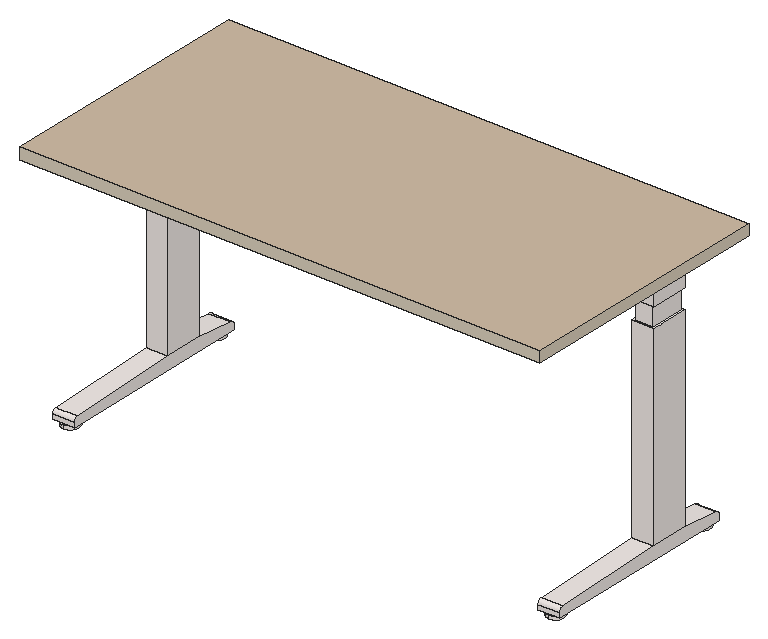
Revit family "5f231d5adfe740a1a8451e1187c6f4d5", category Furniture Systems, Revit 2021
Family settings
  Round Connector Dimension = Use Diameter
  Part Type = Normal
  OmniClass Number = 23.40.70.14.64.21
  OmniClass Title = Systems Furniture
  Work Plane-Based = No
  Always vertical = Yes
  Cut with Voids When Loaded = No
  Shared = No
  Room Calculation Point = No
Parameters (values of type "60" x 30"")
  Work Surface Material [instance] = Plastic Laminate - White Oak
  Type Comments = "60\" x 30\" Rectangular Standing Desk"
  Thickness = 1 1/4"
  Model = ""
  Manufacturer = ""
  Width = 60"
  Height [instance] = 30"
  H [instance] = Height + 1/4"  # 30 1/4"
  Foot Material [instance] = Metal - Paint Linen
  Foot Height [instance] = Height - Thickness  # 28 3/4"
  Edge Material [instance] = Plastic Laminate - Beige - Light - Smooth
  Description = ""
  Depth = 30"
  Default Elevation = 0"
Reference planes (in)
  plane 1 "Center F/B": y = 0
  plane 2: z = 0
  plane 3 "Center L/R": x = 0
  plane 4: y = -30
  plane 5 "Right": x = 60
  plane 6: x = 58
  plane 7: y = -15
  plane 8: y = -10.5
  plane 9: x = 2
  plane 10: z = 30
  plane 11: z = 28.75
Forms (in)
  Extrusion 1, solid, material "Plastic Laminate - White Oak" <- "Work Surface Material"
    sketch origin (12, -12, 0) x (0.707107, 0.707107, 0) y (-0.707107, 0.707107, 0)
      loop
        line (0, 16.97056) -> (-21.2132, -4.24264) -> (21.2132, -46.66905) -> (42.42641, -25.45584) -> (0, 16.97056)
    from 28.75 to 30
Lines and regions (in)
  Masking region 1
    outline origin (12, -12, 0) x (0.707107, 0.707107, 0) y (-0.707107, 0.707107, 0)
      loop
        line (0, 16.97056) -> (-21.2132, -4.24264) -> (21.2132, -46.66905) -> (42.42641, -25.45584) -> (0, 16.97056)
Dimensions and locks (in)
  "Width": plane 3 "Center L/R" to plane 5 "Right"
  "Depth": plane 4 to plane 1 "Center F/B"
  locked: plane 6 to plane 5 "Right" at 2
  equal spacing: plane 1 "Center F/B", plane 7, plane 4
  locked: plane 8 to plane 7 at 4.5
  locked: plane 3 "Center L/R" to plane 9 at 2
  "Height": plane 10 to plane 2
  "Thickness": plane 10 to plane 11
  aligned and locked: level to plane 2
  aligned and locked: nested 1 to plane 6
  aligned and locked: nested 1 to plane 8
  aligned and locked: nested 1 to plane 2
  aligned and locked: nested 2 to plane 9
  aligned and locked: nested 2 to plane 8
  aligned and locked: plane 1 "Center F/B" to Extrusion 1 sketch curve
  aligned and locked: plane 5 "Right" to Extrusion 1 sketch curve
  aligned and locked: plane 4 to Extrusion 1 sketch curve
  aligned and locked: plane 3 "Center L/R" to Extrusion 1 sketch curve
  aligned and locked: Extrusion 1 to plane 10
  aligned and locked: Extrusion 1 to plane 11
  aligned and locked: plane 1 "Center F/B" to Masking region 1 sketch curve
  aligned and locked: plane 5 "Right" to Masking region 1 sketch curve
  aligned and locked: plane 4 to Masking region 1 sketch curve
  aligned and locked: plane 3 "Center L/R" to Masking region 1 sketch curve
Nested families (in)
  nested 1: "Furniture_System-Foot-C" at (58, -10.5, 0) x (0, -1, 0) z (0, 0, 1), Foot Material <- "Foot Material", type "28 3/4""
    with Foot Material Metal - Paint Linen
  nested 2: "Furniture_System-Foot-C" at (2, -10.5, 0) x (0, -1, 0) z (0, 0, 1), Foot Material <- "Foot Material", type "28 3/4""
    with Foot Material Metal - Paint Linen
Definition of nested family "Furniture_System-Foot-C"
  Parameters (values of type "28 3/4"")
    Width = 4 1/2"
    Type Comments = "28 3/4\" C Foot"
    Thickness = 2 1/2"
    Model = ""
    Manufacturer = ""
    Height = 28 3/4"
    H = 30 1/4"
    Foot Material [instance] = none
    Description = ""
    Default Elevation = 0"
  Reference planes (in)
    plane 1 "Center F/B": y = 0
    plane 2: z = 0
    plane 3 "Center L/R": x = 0
    plane 4 "Front": y = -1.25
    plane 5: x = -2.25
    plane 6 "Top": z = 28.75
    plane 7: z = 2
    plane 8: x = 2.25
    plane 9: y = 1.25
    plane 10: z = 0.5
    plane 11 "Left": x = -7.25
    plane 12 "Right": x = 15.75
    plane 13: z = 1.5
    plane 14: z = 26.75
    plane 15: y = 1
    plane 16: y = -1
    plane 17: x = -2
    plane 18: x = 2
    plane 19: z = 24.5
    plane 20: x = -6.25
    plane 21: x = 14.75
    plane 22: z = 0.33333
    plane 23: z = 30.25
  Forms (in)
    Extrusion 1, solid, material <- "Foot Material"
      sketch origin (0, 0, 0) x (1, 0, 0) y (0, 1, 0)
        loop
          line (-2.25, 1.25) -> (-2.25, -1.25) -> (2.25, -1.25) -> (2.25, 1.25) -> (-2.25, 1.25)
      from 2 to 24.5
    Extrusion 2, solid, material <- "Foot Material"
      sketch origin (0, -1.25, 0) x (-1, 0, 0) y (0, 0, 1)
        loop
          line (7.25, 0.5) -> (7.25, 1.04751)
          arc (7.25, 1.04751) -> (7.12073, 1.38301) -> (6.79975, 1.54502) r 0.5
          line (6.79975, 1.54502) -> (2.25, 2) -> (-2.25, 2) -> (-15.26851, 1.51783)
          arc (-15.26851, 1.51783) -> (-15.61004, 1.36512) -> (-15.75, 1.01818) r 0.5
          line (-15.75, 1.01818) -> (-15.75, 0.5) -> (7.25, 0.5)
      from 0 to 2.5
    Extrusion 3, solid, material <- "Foot Material"
      sketch origin (0, 0, 0) x (1, 0, 0) y (0, 1, 0)
        loop
          line (-2, 1) -> (-2, -1) -> (2, -1) -> (2, 1) -> (-2, 1)
      from 24.5 to 26.75
    Extrusion 4, solid, material <- "Foot Material"
      sketch origin (0, 0, 0) x (1, 0, 0) y (0, 1, 0)
        loop
          line (-2.25, 1.25) -> (-2.25, -1.25) -> (2.25, -1.25) -> (2.25, 1.25) -> (-2.25, 1.25)
      from 26.75 to 28.75
    Revolve 5, solid, material <- "Foot Material"
      sketch origin (0, 0, 0) x (1, 0, 0) y (0, 0, 1)
        loop
          line (-7.25, 0.33333) -> (-7.25, 0) -> (-6.25, 0) -> (-6.25, 0.5) -> (-6.41667, 0.5) -> (-6.41667, 0.33333) -> (-7.25, 0.33333)
        axis (-6.25, 0.5) -> (-6.25, 0)
      angle from 0 to 360
    Revolve 6, solid, material <- "Foot Material"
      sketch origin (0, 0, 0) x (1, 0, 0) y (0, 0, 1)
        loop
          line (14.75, 0.5) -> (14.75, 0) -> (15.75, 0) -> (15.75, 0.33333) -> (14.91667, 0.33333) -> (14.91667, 0.5) -> (14.75, 0.5)
        axis (14.75, 0.5) -> (14.75, 0)
      angle from 0 to 360
  Lines and regions (in)
    Masking region 1
      outline origin (0, 0, 0) x (1, 0, 0) y (0, 1, 0)
        loop
          line (-7.25, 1.25) -> (-7.25, -1.25) -> (15.75, -1.25) -> (15.75, 1.25) -> (-7.25, 1.25)
    reference lines
      curve 1: line (0, 0, 30.25) -> (0, 0, 0)
  Dimensions and locks (in)
    "Width": plane 5 to plane 8
    plane 7 to plane 2 = 2"
    "Height": plane 6 "Top" to plane 2
    "Thickness": plane 9 to plane 4 "Front"
    equal spacing: plane 9, plane 1 "Center F/B", plane 4 "Front"
    locked: plane 10 to level at 0.5
    equal spacing: plane 5, plane 3 "Center L/R", plane 8
    locked: plane 7 to plane 2 at 2
    locked: plane 13 to plane 10 at 1
    locked: plane 5 to plane 11 "Left" at 5
    locked: plane 8 to plane 12 "Right" at 13.5
    locked: plane 6 "Top" to plane 14 at 2
    locked: plane 9 to plane 15 at 0.25
    locked: plane 4 "Front" to plane 16 at 0.25
    locked: plane 5 to plane 17 at 0.25
    locked: plane 18 to plane 8 at 0.25
    plane 3 "Center L/R" to Extrusion 4 = 2 1/4"
    locked: plane 20 to plane 11 "Left" at 1
    locked: plane 12 "Right" to plane 21 at 1
    locked: plane 22 to plane 2 at 0.33333
    locked: plane 20 to Revolve 5 sketch curve at 0.16667
    locked: Revolve 6 sketch curve to plane 21 at 0.16667
    locked: plane 19 to plane 7 at 22.5
    "H": plane 23 to plane 2
    aligned and locked: level to plane 2
    aligned and locked: Extrusion 1 sketch curve to plane 9
    aligned and locked: plane 5 to Extrusion 1 sketch curve
    aligned and locked: plane 4 "Front" to Extrusion 1 sketch curve
    aligned and locked: Extrusion 1 to plane 7
    aligned and locked: plane 4 "Front" to Masking region 1 sketch curve
    aligned and locked: Masking region 1 sketch curve to plane 9
    aligned and locked: plane 8 to Extrusion 1 sketch curve
    aligned and locked: Extrusion 2 sketch curve to plane 11 "Left"
    aligned and locked: Extrusion 2 sketch curve to plane 10
    aligned and locked: plane 12 "Right" to Extrusion 2 sketch curve
    aligned and locked: plane 8 to Extrusion 2 sketch curve
    aligned and locked: plane 7 to Extrusion 2 sketch curve  (x2)
    aligned and locked: plane 5 to Extrusion 2 sketch curve
    aligned and locked: plane 9 to Extrusion 2
    aligned and locked: Extrusion 2 to plane 4 "Front"
    aligned and locked: plane 15 to Extrusion 3 sketch curve
    aligned and locked: plane 17 to Extrusion 3 sketch curve
    aligned and locked: Extrusion 3 sketch curve to plane 16
    aligned and locked: Extrusion 3 sketch curve to plane 18
    aligned and locked: plane 19 to Extrusion 1
    aligned and locked: Extrusion 3 to plane 19
    aligned and locked: plane 14 to Extrusion 3
    aligned and locked: Extrusion 4 sketch curve to Extrusion 2  (x2)
    aligned and locked: Extrusion 4 sketch curve to Extrusion 1  (x2)
    aligned and locked: plane 6 "Top" to Extrusion 4
    aligned and locked: plane 10 to Revolve 5 sketch curve
    aligned and locked: plane 20 to Revolve 5 sketch curve
    aligned and locked: Revolve 5 sketch curve to plane 2
    aligned and locked: Revolve 5 sketch curve to plane 11 "Left"
    aligned and locked: plane 22 to Revolve 5 sketch curve
    aligned and locked: Revolve 5 sketch curve to plane 20
    aligned and locked: Revolve 6 sketch curve to plane 21  (x2)
    aligned and locked: plane 10 to Revolve 6 sketch curve
    aligned and locked: plane 22 to Revolve 6 sketch curve
    aligned and locked: plane 12 "Right" to Revolve 6 sketch curve
    aligned and locked: Revolve 6 sketch curve to plane 2
    aligned and locked: plane 11 "Left" to Masking region 1 sketch curve
    aligned and locked: Masking region 1 sketch curve to plane 12 "Right"
    aligned and locked: Extrusion 4 to plane 14
    aligned and locked: plane 23 to curve 1
    aligned and locked: plane 2 to curve 1
    aligned and locked: curve 1 to plane 3 "Center L/R"
  Automatic sketch dimensions
    plane 13 to Extrusion 2 sketch curve = 0.01783"
    Extrusion 2 sketch curve to plane 12 "Right" = 0.48149"
    Extrusion 2 sketch curve to plane 13 = 0.48182"
    Extrusion 2 sketch curve to Extrusion 2 sketch curve = 1/2"
    plane 13 to Extrusion 2 sketch curve = 0.04502"
    plane 11 "Left" to Extrusion 2 sketch curve = 0.45025"
    Revolve 5 sketch curve to level = 1 1/4"
    plane 7 to Revolve 5 sketch curve = 2 1/2"
    Revolve 6 sketch curve to level = 0.83666"
    plane 7 to Revolve 6 sketch curve = 3/4"
